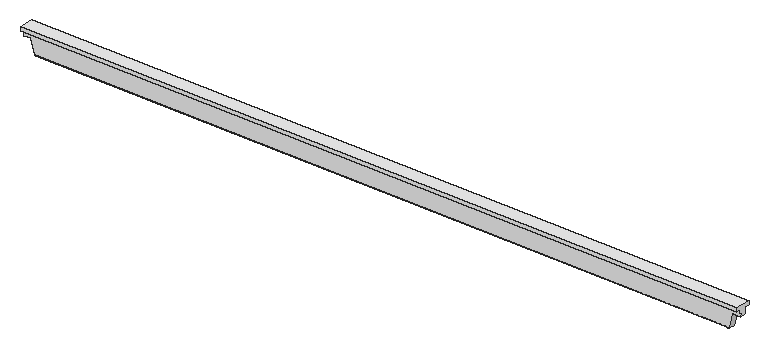
Revit family "Viga_T_Premoldada", category Structural Framing, Revit 2025
Family settings
  Display in Hidden Views = Edges Hidden by Other Members
  Structural Framing Length Roundoff = 0.000 m
  Section Shape = Not Defined
  Material for Model Behavior = Precast Concrete
  Always export as geometry = No
  OmniClass Number = 23.25.30.11.14.14
  OmniClass Title = Beams
  Always vertical = Yes
  Cut with Voids When Loaded = Yes
  Symbolic Representation = From Family
  Shared = No
  Show family pre-cut in plan views = Yes
Parameters (values of type "190x600x1000")
  ho = 0.150 m
  ho Label = if(ho < 0.150 m, 0.150 m, ho)  # 0.150 m
  bo = 0.600 m
  bm = 0.250 m
  Structural Material [instance] = CT_Concreto_Premoldado
  Right Join Cutback [instance] = 0.000 m
  Left Join Cutback [instance] = 0.000 m
  L1 = if(bm > bu, bm, bu)  # 0.250 m
  Installation Tolerance = 0.020 m
  h = 1.000 m
  bu = 0.190 m
  Formwork Symbol Offset = 0.030 m
  Formwork Symbol = yes
  Fork Width = if(0.3 * h < 0.150 m, 0.150 m, 0.3 * h)  # 0.300 m
  Fork Height = if(0.4 * h < 0.200 m, 0.200 m, 0.4 * h)  # 0.400 m
  Chamfer = 0.010 m
  Assembly Code = ""
  Length [instance] = 30.000 m
  Angle = 75.00°
Reference planes (m)
  plane 1 "Center (Front/Back)": y = 0
  plane 2: z = 0
  plane 3 "Center (Left/Right)": x = 0
  plane 4 "Member Left": x = -0.654019
  plane 5 "Member Right": x = 14.245981
  plane 6 "Left": x = -0.754019
  plane 7 "Right": x = 29.245981
  plane 8: z = 0.5
  plane 9: y = -0.3
  plane 10: y = 0.3
  plane 11: z = -0.5
  plane 12: y = 0.095
  plane 13: y = -0.095
  plane 14: x = -0.734019
  plane 15: x = 29.225981
  plane 16: y = 0.085
  plane 17: y = -0.085
  plane 18: z = -0.49
  plane 19: z = 0.35
  plane 20: y = 0.125
  plane 21: y = -0.125
  plane 22: y = 0.33
  plane 23: y = -0.33
  plane 24: y = 0.155
  plane 25: y = -0.155
  plane 26: z = -0.53
  plane 27: z = 0.425
  plane 28: z = 0.1
  plane 29: y = 0.125
  plane 30: y = -0.125
  plane 31: x = -0.434019
  plane 32: x = 28.925981
  plane 33: x = -0.734019
  plane 34: x = 29.225981
Forms (m)
  Extrusion 1, solid, material "CT_Concreto_Premoldado" <- "Structural Material"
    sketch origin (0, 0, 0) x (0, 1, 0) y (0, 0, 1)
      loop
        line (-0.3, 0.5) -> (-0.3, 0.35) -> (-0.125, 0.35) -> (-0.095, -0.49) -> (-0.085, -0.5) -> (0.085, -0.5) -> (0.095, -0.49) -> (0.125, 0.35) -> (0.3, 0.35) -> (0.3, 0.5) -> (-0.3, 0.5)
    from -0.734019 to 29.225981
  Extrusion 2, void
    sketch origin (0, 0, 0) x (1, 0, 0) y (0, 0, 1)
      loop
        line (-0.734019, 0.1) -> (-0.734019, -0.5) -> (-0.27325, -0.5) -> (-0.434019, 0.1) -> (-0.734019, 0.1)
      loop
        line (28.925981, 0.1) -> (28.765211, -0.5) -> (29.225981, -0.5) -> (29.225981, 0.1) -> (28.925981, 0.1)
    from -0.125 to 0.125
Cuts and joins
  Extrusion 2 cuts Extrusion 1
Lines and regions (m)
  reference lines
    curve 1: line (-0.434019, 0, 0.1) -> (-0.242493, 0, -0.614785)
    curve 2: line (28.925981, 0, 0.1) -> (28.734455, 0, -0.614785)
Dimensions and locks (m)
  "Length": plane 6 "Left" to plane 7 "Right"
  locked: level to plane 2
  equal spacing: plane 10, plane 1 "Center (Front/Back)", plane 9
  "bo": plane 10 to plane 9
  equal spacing: plane 8, plane 2, plane 11
  "h": plane 8 to plane 11
  equal spacing: plane 12, plane 1 "Center (Front/Back)", plane 13
  "bu": plane 12 to plane 13
  "Installation Tolerance": plane 6 "Left" to plane 14
  "Installation Tolerance": plane 15 to plane 7 "Right"
  "Chamfer": plane 12 to plane 16
  "Chamfer": plane 17 to plane 13
  "Chamfer": plane 18 to plane 11
  equal spacing: plane 20, plane 1 "Center (Front/Back)", plane 21
  "bm": plane 20 to plane 21
  "ho Label": plane 8 to plane 19
  "Formwork Symbol Offset": plane 11 to plane 26
  "Formwork Symbol Offset": plane 21 to plane 25
  "Formwork Symbol Offset": plane 24 to plane 20
  equal spacing: plane 8, plane 27, plane 19
  "Formwork Symbol Offset": plane 22 to plane 10
  "Formwork Symbol Offset": plane 9 to plane 23
  "Fork Height": plane 8 to plane 28
  equal spacing: plane 29, plane 1 "Center (Front/Back)", plane 30
  "L1": plane 29 to plane 30
  "Left Join Cutback": plane 14 to plane 33
  "Fork Width": plane 33 to plane 31
  "Right Join Cutback": plane 34 to plane 15
  "Fork Width": plane 32 to plane 34
  equal spacing: plane 34, plane 5 "Member Right", plane 33
  "Angle": angle curve 1 to plane 28
  "Angle": angle plane 28 to curve 2
  aligned and locked: Extrusion 1 sketch curve to plane 8
  aligned and locked: plane 8 to Extrusion 1 sketch curve
  aligned and locked: Extrusion 1 sketch curve to plane 9
  aligned and locked: plane 19 to Extrusion 1 sketch curve  (x3)
  aligned and locked: plane 9 to Extrusion 1 sketch curve
  aligned and locked: Extrusion 1 sketch curve to plane 10
  aligned and locked: plane 10 to Extrusion 1 sketch curve
  aligned and locked: Extrusion 1 sketch curve to plane 19
  aligned and locked: Extrusion 1 sketch curve to plane 11
  aligned and locked: plane 16 to Extrusion 1 sketch curve
  aligned and locked: Extrusion 1 sketch curve to plane 17
  aligned and locked: plane 11 to Extrusion 1 sketch curve
  aligned and locked: plane 18 to Extrusion 1 sketch curve  (x2)
  aligned and locked: nested 5 to plane 1 "Center (Front/Back)"
  aligned and locked: plane 26 to nested 5
  aligned and locked: plane 2 to nested 4
  aligned and locked: plane 2 to nested 3
  aligned and locked: plane 24 to nested 3
  aligned and locked: plane 25 to nested 4
  aligned and locked: plane 23 to nested 2
  aligned and locked: plane 22 to nested 1
  aligned and locked: plane 27 to nested 1
  aligned and locked: nested 2 to plane 27
  aligned and locked: plane 12 to Extrusion 1 sketch curve
  aligned and locked: plane 13 to Extrusion 1 sketch curve
  aligned and locked: plane 20 to Extrusion 1 sketch curve
  aligned and locked: plane 21 to Extrusion 1 sketch curve
  aligned and locked: plane 28 to curve 1
  aligned and locked: plane 32 to curve 2
  aligned and locked: curve 2 to plane 28
  aligned and locked: plane 31 to Extrusion 2 sketch curve
  aligned and locked: plane 28 to Extrusion 2 sketch curve
  aligned and locked: plane 11 to Extrusion 2 sketch curve  (x2)
  aligned and locked: plane 32 to Extrusion 2 sketch curve
  aligned and locked: Extrusion 2 sketch curve to plane 28
  aligned and locked: Extrusion 2 sketch curve to plane 11
  aligned and locked: Extrusion 2 sketch curve to curve 1
  aligned and locked: Extrusion 2 sketch curve to curve 2
  aligned and locked: Extrusion 2 to plane 29
  aligned and locked: Extrusion 2 to plane 30
  aligned and locked: cut or joined group of Extrusion 1, Extrusion 2 to plane 33
  aligned and locked: plane 34 to cut or joined group of Extrusion 1, Extrusion 2
  aligned and locked: Extrusion 2 sketch curve to plane 33
  aligned and locked: Extrusion 2 sketch curve to plane 34
Automatic sketch dimensions
  curve 1 to plane 31 = 0.000 m
Nested families (m)
  nested 1: "Formwork Symbol" at (0, 0.33, 0.425) x (0, -1, 0) z (1, 0, 0), visible <- "Formwork Symbol", type "Formwork Symbol", detail levels fine
  nested 2: "Formwork Symbol" at (0, -0.33, 0.425) x (0, -1, 0) z (1, 0, 0), visible <- "Formwork Symbol", type "Formwork Symbol", detail levels fine
  nested 3: "Formwork Symbol" at (0, 0.155, 0) x (0, -1, 0) z (1, 0, 0), visible <- "Formwork Symbol", type "Formwork Symbol", detail levels fine
  nested 4: "Formwork Symbol" at (0, -0.155, 0) x (0, -1, 0) z (1, 0, 0), visible <- "Formwork Symbol", type "Formwork Symbol", detail levels fine
  nested 5: "Formwork Symbol" at (0, 0, -0.53) x (0, -1, 0) z (1, 0, 0), visible <- "Formwork Symbol", type "Formwork Symbol", detail levels fine
Definition of nested family "Formwork Symbol"
  Parameters (values of type "Formwork Symbol")
    D = 0.015 m
  Reference planes (m)
    plane 1 "Center (Front/Back)": y = 0
    plane 2: z = 0
    plane 3 "Center (Left/Right)": x = 0
  Lines and regions (m)
    Filled region 1, type "Solid Fill - Black", in view "Ref. Level"
      outline origin (0, 0, 0) x (1, 0, 0) y (0, 1, 0)
        loop
          circle (0, 0) r 0.0075
  Dimensions and locks (m)
    "D": diameter of Filled region 1 sketch curve
    aligned and locked: plane 1 "Center (Front/Back)" to Filled region 1 sketch curve
    aligned and locked: plane 3 "Center (Left/Right)" to Filled region 1 sketch curve
